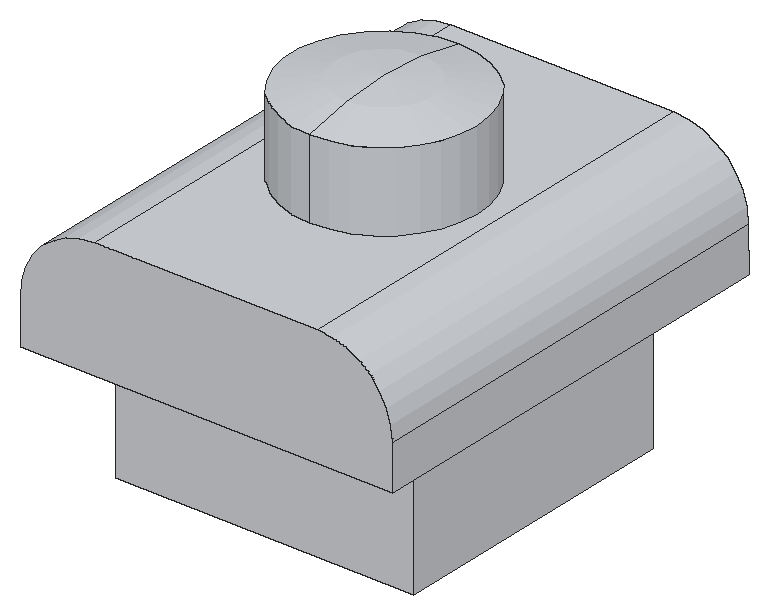
Revit family "723004724310425b9dce58e129a1e01b", category Fire Alarm Devices, host Face, Revit 2021
Family settings
  Host = Face
  Maintain Annotation Orientation = Yes
  Round Connector Dimension = Use Diameter
  Part Type = Normal
  OmniClass Number = 23.85.30.21.11.17
  OmniClass Title = Other Components
  Seek Item ID = Fire Alarm Strobe Speaker - Wall Mounted-0000-USA-ENU
  Cut with Voids When Loaded = No
  Shared = No
  Room Calculation Point = No
Parameters (values of type "Standard")
  Speaker Material = none
  Default Elevation = 4' - 0"
Reference planes (in)
  plane 1 "Center (Front/Back)": y = 0
  plane 2: z = 0
  plane 3 "Center (Left/Right)": x = 0
  plane 4: z = -1.84
  plane 5: z = 1.6
  plane 6: z = 2.83
  plane 7: x = 2.5
  plane 8: x = -2.5
  plane 9: y = 2.985
  plane 10: y = -2.985
Forms (in)
  Extrusion 1, solid, material <- "Speaker Material"
    sketch origin (0, 0, 0) x (1, 0, 0) y (0, 1, 0)
      loop
        line (-2, 2) -> (-2, -2) -> (2, -2) -> (2, 2) -> (-2, 2)
    from 0 to -1.84
  Revolve 2, solid, material <- "Speaker Material"
    sketch origin (0, 0, 0) x (0, 1, 0) y (0, 0, 1)
      loop
        arc (1.25, 2.6596) -> (0.63078, 2.7872) -> (0, 2.83) r 4.67
        line (0, 2.83) -> (0, 1.6) -> (1.25, 1.6) -> (1.25, 2.6596)
      axis (0, 2.83) -> (0, 1.6)
    angle from 0 to 360
  Extrusion 3, solid, material <- "Speaker Material"
    sketch origin (0, 0, 0) x (1, 0, 0) y (0, 0, 1)
      loop
        arc (-1.5, 1.6) -> (-2.20711, 1.30711) -> (-2.5, 0.6) r 1
        line (-2.5, 0.6) -> (-2.5, 0) -> (2.5, 0) -> (2.5, 0.6)
        arc (2.5, 0.6) -> (2.20711, 1.30711) -> (1.5, 1.6) r 1
        line (1.5, 1.6) -> (-1.5, 1.6)
    from -2.985 to 2.985
Cuts and joins
  joined: Extrusion 1, Revolve 2, Extrusion 3
Lines and regions (in)
  symbolic lines, detail levels fine
    curve 1: line (-2, 0, 0) -> (-2, 0, -1.84)
    curve 2: line (-2, 0, -1.84) -> (2, 0, -1.84)
    curve 3: line (2, 0, -1.84) -> (2, 0, 0)
    curve 4: line (1.25446, 0, 2.66092) -> (-1.24652, 0, 2.66092)
    curve 5: line (-1.24652, 0, 2.66092) -> (-1.24652, 0, 1.6)
    curve 6: line (1.25446, 0, 2.66092) -> (1.25446, 0, 1.6)
    curve 7: arc (-1.24652, 0, 2.66092) -> (0.00397, 0, 2.83234) -> (1.25446, 0, 2.66092) r 4.64684
    curve 8: line (-1.5, 0, 1.6) -> (1.5, 0, 1.6)
    curve 9: line (-2.5, 0, 0) -> (-2.5, 0, 0.6)
    curve 10: line (2.5, 0, 0) -> (-2.5, 0, 0)
    curve 11: line (2.5, 0, 0.6) -> (2.5, 0, 0)
    curve 12: arc (-1.5, 0, 1.6) -> (-2.20711, 0, 1.30711) -> (-2.5, 0, 0.6) r 1
    curve 13: arc (1.5, 0, 1.6) -> (2.20711, 0, 1.30711) -> (2.5, 0, 0.6) r 1
Dimensions and locks (in)
  locked: plane 5 to plane 2 at 1.6
  locked: plane 6 to plane 2 at 2.83
  equal spacing: Extrusion 1 sketch curve, plane 3 "Center (Left/Right)", Extrusion 1 sketch curve
  locked: Extrusion 1 sketch curve to Extrusion 1 sketch curve at 4  (x2)
  equal spacing: Extrusion 1 sketch curve, plane 1 "Center (Front/Back)", Extrusion 1 sketch curve
  equal spacing: plane 8, plane 3 "Center (Left/Right)", plane 7
  locked: plane 8 to plane 7 at 5
  equal spacing: plane 10, plane 1 "Center (Front/Back)", plane 9
  locked: plane 10 to plane 9 at 5.97
  locked: plane 2 to plane 4 at 1.84
  aligned and locked: plane 2 to host face
  aligned and locked: level to host face
  aligned and locked: Extrusion 1 to plane 4
  aligned and locked: plane 2 to Extrusion 1
  aligned and locked: plane 1 "Center (Front/Back)" to Revolve 2 sketch curve
  aligned and locked: Revolve 2 sketch curve to plane 5
  aligned and locked: curve 1 to cut or joined group of Extrusion 1, Revolve 2, Extrusion 3
  aligned and locked: curve 2 to cut or joined group of Extrusion 1, Revolve 2, Extrusion 3
  aligned and locked: curve 3 to cut or joined group of Extrusion 1, Revolve 2, Extrusion 3
  aligned and locked: plane 1 "Center (Front/Back)" to nested 1
  aligned and locked: plane 3 "Center (Left/Right)" to nested 1
  aligned and locked: Extrusion 3 sketch curve to plane 5
  aligned and locked: plane 2 to Extrusion 3 sketch curve
  aligned and locked: Extrusion 3 sketch curve to plane 7
  aligned and locked: Extrusion 3 to plane 9
  aligned and locked: Extrusion 3 to plane 10
  aligned and locked: curve 8 to plane 5
  aligned and locked: cut or joined group of Extrusion 1, Revolve 2, Extrusion 3 to curve 11
  aligned and locked: curve 11 to cut or joined group of Extrusion 1, Revolve 2, Extrusion 3
Automatic sketch dimensions
  host sketch curve to host sketch curve = 8' - 0"  (x2)
  Revolve 2 sketch curve to plane 1 "Center (Front/Back)" = 0' - 0"
  Revolve 2 sketch curve to plane 4 = 0' - 0"
  plane 6 to Revolve 2 sketch curve = 0' - 0"
  Revolve 2 sketch curve to Revolve 2 sketch curve = 0' - 1 1/4"
  plane 4 to Revolve 2 sketch curve = 0' - 0.55"
  Revolve 2 sketch curve to Revolve 2 sketch curve = 0' - 1.55"
  plane 8 to Extrusion 3 sketch curve = 0' - 0"
  level to Extrusion 3 sketch curve = 0' - 0.6"  (x2)
  plane 8 to curve 12 = 0' - 0"
  plane 6 to curve 7 = 0' - 0.16908"
  curve 12 to curve 7 = 0' - 0.25348"
  plane 3 "Center (Left/Right)" to curve 7 = 0' - 0.00397"
  level to curve 13 = 0' - 0.6"
  plane 4 to curve 7 = 0' - 0.0255"
  level to curve 12 = 0' - 0.6"
Nested families (in)
  nested 1: "Fire Alarm Strobe Speaker Annotation 2" at (0, 0, 0), type "Fire Alarm Strobe Speaker Annotation 2", detail levels coarse+medium
Connectors (in)
  electrical at (0, 2, -0.92)
    settings: on cut or joined group of Extrusion 1, Revolve 2, Extrusion 3, index 1, voltage 0 V, apparent load 0 VA, apparent load phase1 0 VA, apparent load phase2 0 VA, apparent load phase3 0 VA, power factor 1, load classification "Other", number of poles 1, system type 11, power factor state 1, is connector primary yes, connector utility no, sub classification motor no, connector description ""
Definition of nested family "Fire Alarm Strobe Speaker Annotation 2"
  Parameters
    Label Annotation = "P"
  Reference planes (in)
    plane 1: y = 0
    plane 2: x = 0
  Lines and regions (in)
    reference lines
      curve 1: line (-0.38863, 0.09375, 0) -> (0.82867, 0.09375, 0)
    detail lines
      curve 2: circle (0, 0.09375, 0) r 0.09375 normal (0, 0, 1)
  Text (in)
    label "P" at (-0.03774, 0.09431, 0), shows "Label Annotation"
  Dimensions and locks (in)
    locked: plane 1 to curve 1 at 0.09375
    radius of curve 2 = 0' - 0 3/32"
    aligned and locked: curve 1 to curve 2
    aligned and locked: plane 2 to curve 2
